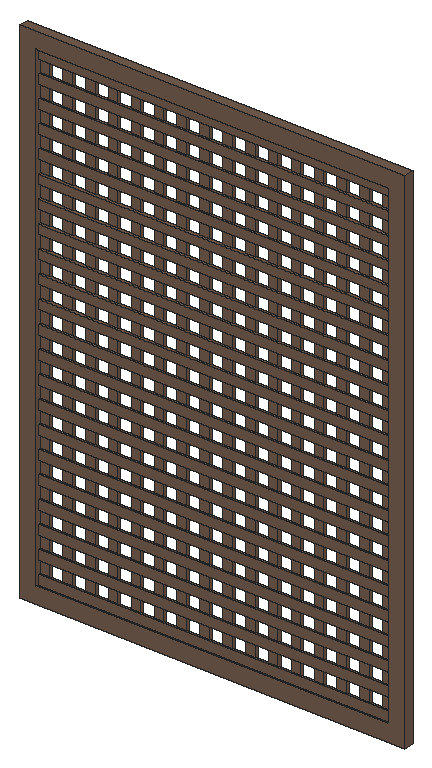
Revit family "PUERTA MALLA", category Modelos genéricos, Revit 2019
Family settings
  Puede alojar armadura = No
  Cota de conector redondo = Diámetro de uso
  Tipo de pieza = Normal
  Se basa en plano de trabajo = Sí
  Siempre vertical = No
  Corte con vacíos al cargar = No
  Compartido = No
  Punto de cálculo de habitación = No
Parameters
  V = (ANCHO - 50.00 mm) / SEP  # 16
  SEP = 35.00 mm
  METAL = INOX_ICV_001
  MADERA = MADERA_001_ICV
  H_AUX = ALTURA - 50.00 mm  # 750.00 mm
  H = (ALTURA - 25.00 mm) / SEP  # 22
  GROSOR_AUX = GROSOR / 2  # 7.50 mm
  GROSOR = 15.00 mm
  Default Elevation = 0.00 mm
  E_A = 2.00 mm
  A_AUX = ANCHO - 50.00 mm  # 550.00 mm
  ANCHO = 600.00 mm
  ALTURA = 800.00 mm
Reference planes
  plane 1 "Centro (Frontal/Posterior)": y = 0
  plane 2: z = 0
  plane 3 "Centro (Izquierda/Derecha)": x = 0
  plane 4: x = 2
  plane 5: x = 600
  plane 6: x = 598
  plane 7: y = -15
  plane 8: x = 25
  plane 9: x = 575
  plane 10: y = -2
  plane 11: y = -13
  plane 12: z = 800
  plane 13: y = -7.5
  plane 14: z = 25
Forms (mm)
  Sweep 1, solid, material "MADERA_001_ICV" <- "MADERA"
    path origin (0, 0, 0) x (1, 0, 0) y (0, 0, 1)
      loop
        line (0, 0) -> (600, 0) -> (600, 800) -> (0, 800) -> (0, 0)
    profile origin (0, 0, 400) x (-1, 0, 0) y (0, -1, 0)
      loop
        line (-25, 0) -> (0, 0) -> (0, 15) -> (-25, 15) -> (-25, 0)
Dimensions and locks
  "ANCHO": plane 3 "Centro (Izquierda/Derecha)" to plane 5
  "GROSOR": plane 7 to plane 1 "Centro (Frontal/Posterior)"
  "E_A": plane 3 "Centro (Izquierda/Derecha)" to plane 4
  "E_A": plane 10 to plane 1 "Centro (Frontal/Posterior)"
  "E_A": plane 11 to plane 7
  locked: plane 3 "Centro (Izquierda/Derecha)" to plane 8 at 25
  "E_A": plane 6 to plane 5
  locked: plane 9 to plane 5 at 25
  "ALTURA": plane 12 to plane 2
  "GROSOR_AUX": plane 13 to plane 1 "Centro (Frontal/Posterior)"
  equal spacing: group 1, group 3, group 4, group 5, group 6, group 7, group 8, group 9, group 10, group 11, group 12, group 13, group 14, group 15, group 16, group 2  (x3)
  equal spacing: group 17, group 19, group 20, group 21, group 22, group 23, group 24, group 25, group 26, group 27, group 28, group 29, group 30, group 31, group 32, group 33, group 34, group 35, group 36, group 37, group 38, group 18  (x3)
  locked: plane 12 to nested 18 at 25.004
  plane 12 to nested 18 = 25.004 mm
  locked: plane 14 to plane 2 at 25
  aligned and locked: level to plane 2
  aligned and locked: Sweep 1 sketch curve to plane 5
  aligned and locked: plane 3 "Centro (Izquierda/Derecha)" to Sweep 1 sketch curve
  aligned and locked: plane 8 to nested 1
  aligned and locked: nested 1 to plane 13
  aligned and locked: plane 9 to nested 2
  aligned and locked: nested 2 to plane 13
  aligned and locked: nested 17 to plane 13
  aligned and locked: plane 8 to nested 18
  aligned and locked: nested 18 to plane 13
  aligned and locked: Sweep 1 sketch curve to plane 2
  aligned and locked: nested 17 to Sweep 1
  aligned and locked: Sweep 1 sketch curve to profile plane  (x2)
  aligned and locked: Sweep 1 sketch curve to plane 7
  aligned and locked: plane 8 to Sweep 1 sketch curve
  aligned and locked: nested 1 to plane 14
  aligned and locked: nested 2 to plane 14
Automatic sketch dimensions
  Sweep 1 sketch curve to plane 12 = 0.00 mm
Nested families
  nested 1: "AUX_TABLA" at (25, -3.5, 25), type "AUX_TABLA"
    with H 750.00 mm, E 4.00 mm
  nested 2: "AUX_TABLA" at (560, -3.5, 25), type "AUX_TABLA"
    with H 750.00 mm, E 4.00 mm
  nested 3: "AUX_TABLA" at (60.667, -3.5, 25), type "AUX_TABLA"
    with H 750.00 mm, E 4.00 mm
  nested 4: "AUX_TABLA" at (96.333, -3.5, 25), type "AUX_TABLA"
    with H 750.00 mm, E 4.00 mm
  nested 5: "AUX_TABLA" at (132, -3.5, 25), type "AUX_TABLA"
    with H 750.00 mm, E 4.00 mm
  nested 6: "AUX_TABLA" at (167.667, -3.5, 25), type "AUX_TABLA"
    with H 750.00 mm, E 4.00 mm
  nested 7: "AUX_TABLA" at (203.333, -3.5, 25), type "AUX_TABLA"
    with H 750.00 mm, E 4.00 mm
  nested 8: "AUX_TABLA" at (239, -3.5, 25), type "AUX_TABLA"
    with H 750.00 mm, E 4.00 mm
  nested 9: "AUX_TABLA" at (274.667, -3.5, 25), type "AUX_TABLA"
    with H 750.00 mm, E 4.00 mm
  nested 10: "AUX_TABLA" at (310.333, -3.5, 25), type "AUX_TABLA"
    with H 750.00 mm, E 4.00 mm
  nested 11: "AUX_TABLA" at (346, -3.5, 25), type "AUX_TABLA"
    with H 750.00 mm, E 4.00 mm
  nested 12: "AUX_TABLA" at (381.667, -3.5, 25), type "AUX_TABLA"
    with H 750.00 mm, E 4.00 mm
  nested 13: "AUX_TABLA" at (417.333, -3.5, 25), type "AUX_TABLA"
    with H 750.00 mm, E 4.00 mm
  nested 14: "AUX_TABLA" at (453, -3.5, 25), type "AUX_TABLA"
    with H 750.00 mm, E 4.00 mm
  nested 15: "AUX_TABLA" at (488.667, -3.5, 25), type "AUX_TABLA"
    with H 750.00 mm, E 4.00 mm
  nested 16: "AUX_TABLA" at (524.333, -3.5, 25), type "AUX_TABLA"
    with H 750.00 mm, E 4.00 mm
  nested 17: "AUX_TABLA" at (25, -7.5, 25), type "AUX_TABLA_H"
    with H 15.00 mm, E 4.00 mm, A 550.00 mm
  nested 18: "AUX_TABLA" at (25, -7.5, 759.996), type "AUX_TABLA_H"
    with H 15.00 mm, E 4.00 mm, A 550.00 mm
  nested 19: "AUX_TABLA" at (25, -7.5, 60), type "AUX_TABLA_H"
    with H 15.00 mm, E 4.00 mm, A 550.00 mm
  nested 20: "AUX_TABLA" at (25, -7.5, 95), type "AUX_TABLA_H"
    with H 15.00 mm, E 4.00 mm, A 550.00 mm
  nested 21: "AUX_TABLA" at (25, -7.5, 129.999), type "AUX_TABLA_H"
    with H 15.00 mm, E 4.00 mm, A 550.00 mm
  nested 22: "AUX_TABLA" at (25, -7.5, 164.999), type "AUX_TABLA_H"
    with H 15.00 mm, E 4.00 mm, A 550.00 mm
  nested 23: "AUX_TABLA" at (25, -7.5, 199.999), type "AUX_TABLA_H"
    with H 15.00 mm, E 4.00 mm, A 550.00 mm
  nested 24: "AUX_TABLA" at (25, -7.5, 234.999), type "AUX_TABLA_H"
    with H 15.00 mm, E 4.00 mm, A 550.00 mm
  nested 25: "AUX_TABLA" at (25, -7.5, 269.999), type "AUX_TABLA_H"
    with H 15.00 mm, E 4.00 mm, A 550.00 mm
  nested 26: "AUX_TABLA" at (25, -7.5, 304.998), type "AUX_TABLA_H"
    with H 15.00 mm, E 4.00 mm, A 550.00 mm
  nested 27: "AUX_TABLA" at (25, -7.5, 339.998), type "AUX_TABLA_H"
    with H 15.00 mm, E 4.00 mm, A 550.00 mm
  nested 28: "AUX_TABLA" at (25, -7.5, 374.998), type "AUX_TABLA_H"
    with H 15.00 mm, E 4.00 mm, A 550.00 mm
  nested 29: "AUX_TABLA" at (25, -7.5, 409.998), type "AUX_TABLA_H"
    with H 15.00 mm, E 4.00 mm, A 550.00 mm
  nested 30: "AUX_TABLA" at (25, -7.5, 444.998), type "AUX_TABLA_H"
    with H 15.00 mm, E 4.00 mm, A 550.00 mm
  nested 31: "AUX_TABLA" at (25, -7.5, 479.997), type "AUX_TABLA_H"
    with H 15.00 mm, E 4.00 mm, A 550.00 mm
  nested 32: "AUX_TABLA" at (25, -7.5, 514.997), type "AUX_TABLA_H"
    with H 15.00 mm, E 4.00 mm, A 550.00 mm
  nested 33: "AUX_TABLA" at (25, -7.5, 549.997), type "AUX_TABLA_H"
    with H 15.00 mm, E 4.00 mm, A 550.00 mm
  nested 34: "AUX_TABLA" at (25, -7.5, 584.997), type "AUX_TABLA_H"
    with H 15.00 mm, E 4.00 mm, A 550.00 mm
  nested 35: "AUX_TABLA" at (25, -7.5, 619.997), type "AUX_TABLA_H"
    with H 15.00 mm, E 4.00 mm, A 550.00 mm
  nested 36: "AUX_TABLA" at (25, -7.5, 654.997), type "AUX_TABLA_H"
    with H 15.00 mm, E 4.00 mm, A 550.00 mm
  nested 37: "AUX_TABLA" at (25, -7.5, 689.996), type "AUX_TABLA_H"
    with H 15.00 mm, E 4.00 mm, A 550.00 mm
  nested 38: "AUX_TABLA" at (25, -7.5, 724.996), type "AUX_TABLA_H"
    with H 15.00 mm, E 4.00 mm, A 550.00 mm
Definition of nested family "AUX_TABLA"
  Parameters (values of type "AUX_TABLA")
    MATERIAL = none
    H = 600.00 mm
    E = 25.00 mm
    A = 15.00 mm
  Reference planes
    plane 1 "Centro (Frontal/Posterior)": y = 0
    plane 2: z = 0
    plane 3 "Centro (Izquierda/Derecha)": x = 0
    plane 4: x = 15
    plane 5: y = -25
    plane 6: z = 600
  Forms (mm)
    Extrusion 1, solid, material <- "MATERIAL"
      sketch origin (0, 0, 0) x (1, 0, 0) y (0, 1, 0)
        loop
          line (0, 0) -> (0, -25) -> (15, -25) -> (15, 0) -> (0, 0)
      from 0 to 600
  Dimensions and locks
    "A": plane 3 "Centro (Izquierda/Derecha)" to plane 4
    "E": plane 5 to plane 1 "Centro (Frontal/Posterior)"
    "H": plane 6 to plane 2
    aligned and locked: level to plane 2
    aligned and locked: plane 1 "Centro (Frontal/Posterior)" to Extrusion 1 sketch curve
    aligned and locked: plane 3 "Centro (Izquierda/Derecha)" to Extrusion 1 sketch curve
    aligned and locked: plane 5 to Extrusion 1 sketch curve
    aligned and locked: Extrusion 1 sketch curve to plane 4
    aligned and locked: plane 6 to Extrusion 1
